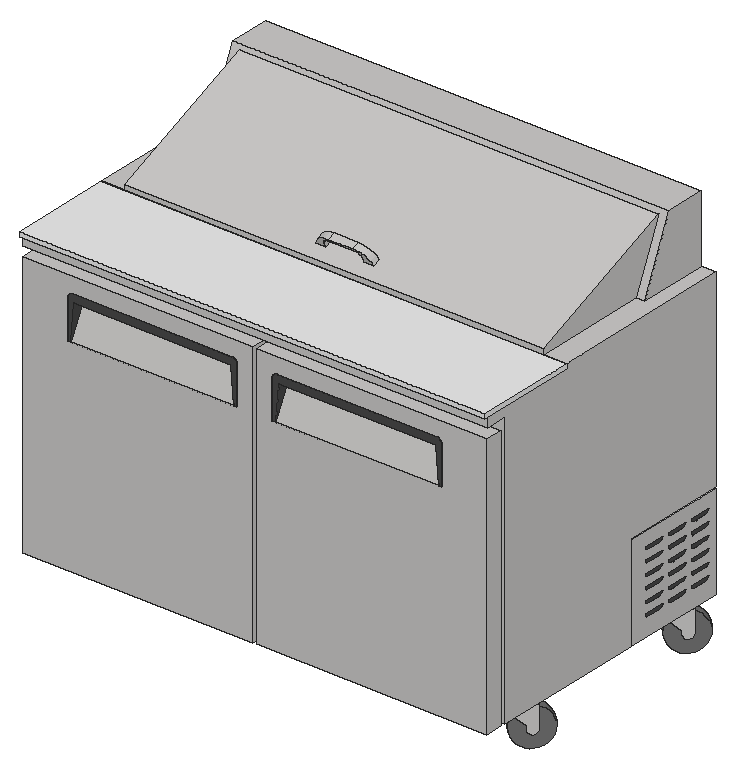
Revit family "QF_Turbo Air_MST-48a06fad58-8fa8-47d9-a13d-637354feb1d0", category Specialty Equipment, Revit 2012
Parameters
  Weight in Pounds = 242
  Watermarked By = "http://revitwatermark.com"
  Volts = 115 V
  URL Cutsheet = ""
  URL = "www.turboairinc.com"
  Status [instance] = ""
  Specification by User [instance] = ""
  Specification by Manufacturer [instance] = ""
  Serial Number [instance] = ""
  Revision Code [instance] = ""
  Phase = 1
  Number of Poles [instance] = 1
  NAFEM Spec ID Number [instance] = ""
  Model = "MST-48"
  Masterspec [instance] = ""
  Manufacturer = "Turbo Air"  # constant formula
  Legs [instance] = [6 inch Legs]  # no
  Item Number [instance] = "-"
  Installed By [instance] = ""
  HP = "1/3"
  Furnished By [instance] = ""
  Foodservice Equipment Identifier = yes
  FL Amps = 6.5 A
  Electrical Remarks [instance] = ""
  Electric Connection Type [instance] = ""
  Elec Conn RI Height [instance] = 0' - 0"
  Elec Conn Connection Height = 1' - 0"
  Description = "Sandwich/Salad Unit"
  Cycle = 60 Hz
  Conn Plug = "NEMA 5-15P"
  Casters [instance] = not(Legs)  # yes
  CasterLeg Height [instance] = if([4 inch Casters], 0' 5", if([5 inch Casters], 0' 5 3/4", if([2_5 inch Casters], 0' 3 3/8", 0' 6")))  # 0' - 5"
  CSI MasterFormat = "11 41 13"
  Assembly Code = "E1090320"
  Apparent Power = if(Phase = 3, Volts * FL Amps * 1.73, Volts * FL Amps)  # 747.5 VA
  6 inch Legs [instance] = no
  5 inch Casters [instance] = no
  4 inch Casters [instance] = yes
  2_5 inch Casters [instance] = no
Reference planes (in)
  plane 1 "BACK": y = 0
  plane 2: z = 0
  plane 3 "LEFT": x = -20.78844
  plane 4 "Bottom": z = 5
  plane 5 "Back Stops": y = 1
  plane 6 "RIGHT": x = 27.46156
  plane 7 "Front of Lid": y = -19.375
  plane 8 "FRONT": y = -30
  plane 9 "Door Clearance": y = -51.75
  plane 10 "Back of Door": y = -27.875
  plane 11 "Front of Box": y = -27.375
  plane 12 "Counter Top": z = 35
  plane 13 "TOP": z = 42
  plane 14 "Top of Door": z = 32.5
  plane 15 "Bottom of Cutting Board": z = 34.5
  plane 16 "Handle LR": x = 3.33656
  plane 17 "Lid Clearance": z = 45.5
  plane 18 "Left Lid Cover": x = -19.28844
  plane 19 "Right of Lid Cover": x = 25.96156
  plane 20 "Left of Lid": x = -18.41344
  plane 21 "Right of Lid": x = 25.08656
  plane 22 "Left of Right Door": x = 3.52406
  plane 23 "Right of Left Door": x = 3.14906
Forms (in)
  Extrusion 1, solid, material "QF_Finishes_Stainless Steel"
    sketch origin (-20.78844, 0, 0) x (0, 1, 0) y (0, 0, 1)
      loop
        line (0, 5) -> (0, 35) -> (-19.375, 35) -> (-19.375, 34.5) -> (-29.625, 34.5) -> (-29.625, 33.5) -> (-27.375, 33.5) -> (-27.375, 5) -> (0, 5)
    from 0 to 48.25
  Extrusion 2, solid, material "QF_Finishes_Black"
    sketch origin (0, -27.375, 0) x (1, 0, 0) y (0, 0, 1)
      loop
        line (-19.78844, 31.5) -> (-19.78844, 6) -> (2.14906, 6) -> (2.14906, 31.5) -> (-19.78844, 31.5)
      loop
        line (26.46156, 6) -> (26.46156, 31.5) -> (4.52406, 31.5) -> (4.52406, 6) -> (26.46156, 6)
    from 0 to 0.5
  Extrusion 3, solid, material "QF_Finishes_Stainless Steel"
    sketch origin (-19.28844, 0, 0) x (0, 1, 0) y (0, 0, 1)
      loop
        line (0, 35) -> (0, 42) -> (-4.25, 42) -> (-7.375, 35) -> (0, 35)
    from 0 to 45.25
  Extrusion 4, solid, material "QF_Finishes_White"
    sketch origin (0, 0, 34.5) x (0, 1, 0) y (-1, 0, 0)
      loop
        line (-19.375, 20.78844) -> (-30, 20.78844) -> (-30, -27.46156) -> (-19.375, -27.46156) -> (-19.375, 20.78844)
    from 0 to 0.5
  Extrusion 5, solid, material "QF_Finishes_Stainless Steel"
    sketch origin (-18.41344, 0, 0) x (0, 1, 0) y (0, 0, 1)
      loop
        line (-19.375, 35) -> (-7.375, 35) -> (-4.45383, 41.54343) -> (-19.375, 35.5) -> (-19.375, 35)
    from 0 to 43.5
  Extrusion 6, solid, material "QF_Finishes_Stainless Steel"
    sketch origin (-8.25, -2.56728, -1.00345) x (1, 0, 0) y (0, -0.375401, 0.926862)
      loop
        line (13.58656, 40.14331) -> (14.58656, 40.14331)
        arc (14.58656, 40.14331) -> (13.91185, 41.04872) -> (12.83656, 41.39331) r 1.85
        line (12.83656, 41.39331) -> (10.33656, 41.39331)
        arc (10.33656, 41.39331) -> (9.26127, 41.04872) -> (8.58656, 40.14331) r 1.85
        line (8.58656, 40.14331) -> (9.58656, 40.14331) -> (9.58656, 40.64331)
        arc (9.58656, 40.64331) -> (9.73301, 40.99687) -> (10.08656, 41.14331) r 0.5
        line (10.08656, 41.14331) -> (13.08656, 41.14331)
        arc (13.08656, 41.14331) -> (13.44011, 40.99687) -> (13.58656, 40.64331) r 0.5
        line (13.58656, 40.64331) -> (13.58656, 40.14331)
    from -0.375 to 0.375
  Extrusion 7, solid, material "QF_Finishes_Clearances", detail levels coarse
    sketch origin (-18.41344, 0, 0) x (0, 1, 0) y (0, 0, 1)
      loop
        arc (-9.375, 45.5) -> (-16.44607, 42.57107) -> (-19.375, 35.5) r 10
        line (-19.375, 35.5) -> (-4.45383, 41.54343) -> (-8.87792, 45.446) -> (-9.375, 45.5)
    from 0 to 43.5
  Extrusion 8, void
    sketch origin (27.46156, 0, 0) x (0, 1, 0) y (0, 0, 1)
      loop
        line (0, 5) -> (0, 15) -> (-11, 15) -> (-11, 5) -> (0, 5)
    from 0 to -1
  Extrusion 9, solid, material "QF_Finishes_Stainless Steel"
    sketch origin (27.46156, 0, 0) x (0, 1, 0) y (0, 0, 1)
      loop
        line (-10.875, 14.875) -> (-10.875, 5) -> (0, 5) -> (0, 14.875) -> (-10.875, 14.875)
      loop
        arc (-9.25, 13.5) -> (-9.10355, 13.14645) -> (-8.75, 13) r 0.5
        line (-8.75, 13) -> (-7.25, 13)
        arc (-7.25, 13) -> (-6.89645, 13.14645) -> (-6.75, 13.5) r 0.5
        line (-6.75, 13.5) -> (-9.25, 13.5)
      loop
        arc (-6.25, 13.5) -> (-6.10355, 13.14645) -> (-5.75, 13) r 0.5
        line (-5.75, 13) -> (-4.25, 13)
        arc (-4.25, 13) -> (-3.89645, 13.14645) -> (-3.75, 13.5) r 0.5
        line (-3.75, 13.5) -> (-6.25, 13.5)
      loop
        arc (-3.25, 13.5) -> (-3.10355, 13.14645) -> (-2.75, 13) r 0.5
        line (-2.75, 13) -> (-1.25, 13)
        arc (-1.25, 13) -> (-0.89645, 13.14645) -> (-0.75, 13.5) r 0.5
        line (-0.75, 13.5) -> (-3.25, 13.5)
      loop
        arc (-9.25, 12.25) -> (-9.10355, 11.89645) -> (-8.75, 11.75) r 0.5
        line (-8.75, 11.75) -> (-7.25, 11.75)
        arc (-7.25, 11.75) -> (-6.89645, 11.89645) -> (-6.75, 12.25) r 0.5
        line (-6.75, 12.25) -> (-9.25, 12.25)
      loop
        arc (-6.25, 12.25) -> (-6.10355, 11.89645) -> (-5.75, 11.75) r 0.5
        line (-5.75, 11.75) -> (-4.25, 11.75)
        arc (-4.25, 11.75) -> (-3.89645, 11.89645) -> (-3.75, 12.25) r 0.5
        line (-3.75, 12.25) -> (-6.25, 12.25)
      loop
        arc (-3.25, 12.25) -> (-3.10355, 11.89645) -> (-2.75, 11.75) r 0.5
        line (-2.75, 11.75) -> (-1.25, 11.75)
        arc (-1.25, 11.75) -> (-0.89645, 11.89645) -> (-0.75, 12.25) r 0.5
        line (-0.75, 12.25) -> (-3.25, 12.25)
      loop
        arc (-9.25, 11) -> (-9.10355, 10.64645) -> (-8.75, 10.5) r 0.5
        line (-8.75, 10.5) -> (-7.25, 10.5)
        arc (-7.25, 10.5) -> (-6.89645, 10.64645) -> (-6.75, 11) r 0.5
        line (-6.75, 11) -> (-9.25, 11)
      loop
        arc (-6.25, 11) -> (-6.10355, 10.64645) -> (-5.75, 10.5) r 0.5
        line (-5.75, 10.5) -> (-4.25, 10.5)
        arc (-4.25, 10.5) -> (-3.89645, 10.64645) -> (-3.75, 11) r 0.5
        line (-3.75, 11) -> (-6.25, 11)
      loop
        arc (-3.25, 11) -> (-3.10355, 10.64645) -> (-2.75, 10.5) r 0.5
        line (-2.75, 10.5) -> (-1.25, 10.5)
        arc (-1.25, 10.5) -> (-0.89645, 10.64645) -> (-0.75, 11) r 0.5
        line (-0.75, 11) -> (-3.25, 11)
      loop
        arc (-9.25, 9.75) -> (-9.10355, 9.39645) -> (-8.75, 9.25) r 0.5
        line (-8.75, 9.25) -> (-7.25, 9.25)
        arc (-7.25, 9.25) -> (-6.89645, 9.39645) -> (-6.75, 9.75) r 0.5
        line (-6.75, 9.75) -> (-9.25, 9.75)
      loop
        arc (-6.25, 9.75) -> (-6.10355, 9.39645) -> (-5.75, 9.25) r 0.5
        line (-5.75, 9.25) -> (-4.25, 9.25)
        arc (-4.25, 9.25) -> (-3.89645, 9.39645) -> (-3.75, 9.75) r 0.5
        line (-3.75, 9.75) -> (-6.25, 9.75)
      loop
        arc (-3.25, 9.75) -> (-3.10355, 9.39645) -> (-2.75, 9.25) r 0.5
        line (-2.75, 9.25) -> (-1.25, 9.25)
        arc (-1.25, 9.25) -> (-0.89645, 9.39645) -> (-0.75, 9.75) r 0.5
        line (-0.75, 9.75) -> (-3.25, 9.75)
      loop
        arc (-9.25, 8.5) -> (-9.10355, 8.14645) -> (-8.75, 8) r 0.5
        line (-8.75, 8) -> (-7.25, 8)
        arc (-7.25, 8) -> (-6.89645, 8.14645) -> (-6.75, 8.5) r 0.5
        line (-6.75, 8.5) -> (-9.25, 8.5)
      loop
        arc (-6.25, 8.5) -> (-6.10355, 8.14645) -> (-5.75, 8) r 0.5
        line (-5.75, 8) -> (-4.25, 8)
        arc (-4.25, 8) -> (-3.89645, 8.14645) -> (-3.75, 8.5) r 0.5
        line (-3.75, 8.5) -> (-6.25, 8.5)
      loop
        arc (-3.25, 8.5) -> (-3.10355, 8.14645) -> (-2.75, 8) r 0.5
        line (-2.75, 8) -> (-1.25, 8)
        arc (-1.25, 8) -> (-0.89645, 8.14645) -> (-0.75, 8.5) r 0.5
        line (-0.75, 8.5) -> (-3.25, 8.5)
      loop
        arc (-9.25, 7.25) -> (-9.10355, 6.89645) -> (-8.75, 6.75) r 0.5
        line (-8.75, 6.75) -> (-7.25, 6.75)
        arc (-7.25, 6.75) -> (-6.89645, 6.89645) -> (-6.75, 7.25) r 0.5
        line (-6.75, 7.25) -> (-9.25, 7.25)
      loop
        arc (-6.25, 7.25) -> (-6.10355, 6.89645) -> (-5.75, 6.75) r 0.5
        line (-5.75, 6.75) -> (-4.25, 6.75)
        arc (-4.25, 6.75) -> (-3.89645, 6.89645) -> (-3.75, 7.25) r 0.5
        line (-3.75, 7.25) -> (-6.25, 7.25)
      loop
        arc (-3.25, 7.25) -> (-3.10355, 6.89645) -> (-2.75, 6.75) r 0.5
        line (-2.75, 6.75) -> (-1.25, 6.75)
        arc (-1.25, 6.75) -> (-0.89645, 6.89645) -> (-0.75, 7.25) r 0.5
        line (-0.75, 7.25) -> (-3.25, 7.25)
    from 0 to -1
  Extrusion 10, solid, material "QF_Finishes_Black"
    sketch origin (27.46156, 0, 0) x (0, 1, 0) y (0, 0, 1)
      loop
        line (-9.875, 13.95221) -> (-9.875, 6.20221) -> (-0.375, 6.20221) -> (-0.375, 13.95221) -> (-9.875, 13.95221)
    from -0.125 to -1
  Extrusion 11, solid, material "QF_Finishes_Black"
    sketch origin (0, 0, 0) x (1, 0, 0) y (0, 0, 1)
      loop
        circle (-14.66344, 30.1875) r 0.5
      loop
        circle (21.33656, 30.1875) r 0.5
    from 0 to -1
  Extrusion 12, solid, material "QF_Finishes_Stainless Steel"
    sketch origin (0, 0, 0) x (1, 0, 0) y (0, 0, 1)
      loop
        circle (23.46156, 11.125) r 0.25
    from 0 to -0.0625
Cuts and joins
  Extrusion 8 cuts Extrusion 1
Lines and regions (in)
  symbolic lines
    curve 1: line (-20.78844, 0, 35) -> (27.46156, 0, 35)
    curve 2: line (-20.78844, -30, 35) -> (-20.78844, 0, 35)
    curve 3: line (27.46156, -30, 35) -> (-20.78844, -30, 35)
    curve 4: line (27.46156, 0, 35) -> (27.46156, -30, 35)
    curve 5: line (-20.78844, -19.375, 35) -> (27.46156, -19.375, 35)
    curve 6: line (20.83656, 1, 35) -> (21.83656, 1, 35)
    curve 7: line (-15.16344, 1, 35) -> (-14.16344, 1, 35)
    curve 8: line (-15.16344, 1, 35) -> (-15.16344, 0, 35)
    curve 9: line (-14.16344, 1, 35) -> (-14.16344, 0, 35)
    curve 10: line (20.83656, 1, 35) -> (20.83656, 0, 35)
    curve 11: line (21.83656, 1, 35) -> (21.83656, 0, 35)
    curve 12: line (1.33656, -17.28956, 35) -> (0.33656, -17.28956, 35)
    curve 13: line (0.33656, -17.28956, 35) -> (0.33656, -17.98471, 35)
    curve 14: line (1.33656, -17.47726, 35) -> (1.33656, -17.28956, 35)
    curve 15: line (4.58656, -18.45396, 35) -> (2.08656, -18.45396, 35)
    curve 16: line (4.83656, -17.66496, 35) -> (1.83656, -17.66496, 35)
    curve 17: line (5.33656, -17.28956, 35) -> (5.33656, -17.47726, 35)
    curve 18: line (6.33656, -17.28956, 35) -> (5.33656, -17.28956, 35)
    curve 19: line (6.33656, -17.98471, 35) -> (6.33656, -17.28956, 35)
    curve 20: spline (6.33656, -17.98471, 35) -> (6.2653, -18.0513, 35) -> (6.17612, -18.11477, 35) -> (6.06997, -18.17445, 35) -> (5.94798, -18.2297, 35) -> (5.81145, -18.27993, 35) -> (5.66185, -18.3246, 35) -> (5.50077, -18.36324, 35) -> (5.32992, -18.39543, 35) -> (5.15114, -18.42083, 35) -> (4.96633, -18.43917, 35) -> (4.77746, -18.45025, 35) -> (4.58656, -18.45396, 35)
    curve 21: spline (1.83656, -17.66496, 35) -> (1.7713, -17.66336, 35) -> (1.70715, -17.65857, 35) -> (1.64522, -17.65067, 35) -> (1.58656, -17.63981, 35) -> (1.53218, -17.62617, 35) -> (1.48301, -17.60998, 35) -> (1.43988, -17.59153, 35) -> (1.40355, -17.57111, 35) -> (1.37462, -17.54909, 35) -> (1.3536, -17.52584, 35) -> (1.34084, -17.50176, 35) -> (1.33656, -17.47726, 35)
    curve 22: spline (5.33656, -17.47726, 35) -> (5.33228, -17.50176, 35) -> (5.31952, -17.52584, 35) -> (5.2985, -17.54909, 35) -> (5.26957, -17.57111, 35) -> (5.23324, -17.59153, 35) -> (5.19011, -17.60998, 35) -> (5.14094, -17.62617, 35) -> (5.08656, -17.63981, 35) -> (5.0279, -17.65067, 35) -> (4.96597, -17.65857, 35) -> (4.90182, -17.66336, 35) -> (4.83656, -17.66496, 35)
    curve 23: spline (2.08656, -18.45396, 35) -> (1.89566, -18.45025, 35) -> (1.70679, -18.43917, 35) -> (1.52198, -18.42083, 35) -> (1.3432, -18.39543, 35) -> (1.17235, -18.36324, 35) -> (1.01127, -18.3246, 35) -> (0.86167, -18.27993, 35) -> (0.72514, -18.2297, 35) -> (0.60315, -18.17445, 35) -> (0.497, -18.11477, 35) -> (0.40782, -18.0513, 35) -> (0.33656, -17.98471, 35)
    curve 40: line (-19.28844, 0, 35) -> (-19.28844, -7.375, 35)
    curve 41: line (25.96156, -7.375, 35) -> (25.96156, 0, 35)
    curve 42: line (-19.28844, -4.25, 35) -> (25.96156, -4.25, 35)
    curve 43: line (-18.41344, -4.25, 35) -> (-18.41344, -19.375, 35)
    curve 44: line (25.08656, -19.375, 35) -> (25.08656, -4.25, 35)
    curve 49: line (25.08656, -7.375, 35) -> (25.96156, -7.375, 35)
    curve 50: line (-18.41344, -7.375, 35) -> (-19.28844, -7.375, 35)
  symbolic lines, style "QF_Surface Details"
    curve 24: line (2.96156, -10.41441, 35) -> (2.96156, -6.42258, 35)
    curve 25: line (-3.03844, -10.41441, 35) -> (-3.03844, -6.42258, 35)
    curve 26: line (-2.03844, -5.42258, 35) -> (1.96156, -5.42258, 35)
    curve 27: line (-2.03844, -11.41441, 35) -> (1.96156, -11.41441, 35)
    curve 28: arc (1.96156, -5.42258, 35) -> (2.66867, -5.71547, 35) -> (2.96156, -6.42258, 35) r 1
    curve 29: arc (-2.03844, -5.42258, 35) -> (-2.74555, -5.71547, 35) -> (-3.03844, -6.42258, 35) r 1
    curve 30: arc (-3.03844, -10.41441, 35) -> (-2.74555, -11.12152, 35) -> (-2.03844, -11.41441, 35) r 1
    curve 31: arc (1.96156, -11.41441, 35) -> (2.66867, -11.12152, 35) -> (2.96156, -10.41441, 35) r 1
    curve 32: line (2.96156, -13.41441, 35) -> (2.96156, -17.40625, 35)
    curve 33: line (-3.03844, -13.41441, 35) -> (-3.03844, -17.40625, 35)
    curve 34: line (-2.03844, -18.40625, 35) -> (1.96156, -18.40625, 35)
    curve 35: line (-2.03844, -12.41441, 35) -> (1.96156, -12.41441, 35)
    curve 36: arc (1.96156, -18.40625, 35) -> (2.66867, -18.11336, 35) -> (2.96156, -17.40625, 35) r 1
    curve 37: arc (-2.03844, -18.40625, 35) -> (-2.74555, -18.11336, 35) -> (-3.03844, -17.40625, 35) r 1
    curve 38: arc (-3.03844, -13.41441, 35) -> (-2.74555, -12.70731, 35) -> (-2.03844, -12.41441, 35) r 1
    curve 39: arc (1.96156, -12.41441, 35) -> (2.66867, -12.70731, 35) -> (2.96156, -13.41441, 35) r 1
    curve 51: line (-3.78844, -10.41441, 35) -> (-3.78844, -6.42258, 35)
    curve 52: line (-9.78844, -10.41441, 35) -> (-9.78844, -6.42258, 35)
    curve 53: line (-8.78844, -5.42258, 35) -> (-4.78844, -5.42258, 35)
    curve 54: line (-8.78844, -11.41441, 35) -> (-4.78844, -11.41441, 35)
    curve 55: arc (-4.78844, -5.42258, 35) -> (-4.08133, -5.71547, 35) -> (-3.78844, -6.42258, 35) r 1
    curve 56: arc (-8.78844, -5.42258, 35) -> (-9.49555, -5.71547, 35) -> (-9.78844, -6.42258, 35) r 1
    curve 57: arc (-9.78844, -10.41441, 35) -> (-9.49555, -11.12152, 35) -> (-8.78844, -11.41441, 35) r 1
    curve 58: arc (-4.78844, -11.41441, 35) -> (-4.08133, -11.12152, 35) -> (-3.78844, -10.41441, 35) r 1
    curve 59: line (-3.78844, -13.41441, 35) -> (-3.78844, -17.40625, 35)
    curve 60: line (-9.78844, -13.41441, 35) -> (-9.78844, -17.40625, 35)
    curve 61: line (-8.78844, -18.40625, 35) -> (-4.78844, -18.40625, 35)
    curve 62: line (-8.78844, -12.41441, 35) -> (-4.78844, -12.41441, 35)
    curve 63: arc (-4.78844, -18.40625, 35) -> (-4.08133, -18.11336, 35) -> (-3.78844, -17.40625, 35) r 1
    curve 64: arc (-8.78844, -18.40625, 35) -> (-9.49555, -18.11336, 35) -> (-9.78844, -17.40625, 35) r 1
    curve 65: arc (-9.78844, -13.41441, 35) -> (-9.49555, -12.70731, 35) -> (-8.78844, -12.41441, 35) r 1
    curve 66: arc (-4.78844, -12.41441, 35) -> (-4.08133, -12.70731, 35) -> (-3.78844, -13.41441, 35) r 1
    curve 67: line (-10.53844, -10.41441, 35) -> (-10.53844, -6.42258, 35)
    curve 68: line (-16.53844, -10.41441, 35) -> (-16.53844, -6.42258, 35)
    curve 69: line (-15.53844, -5.42258, 35) -> (-11.53844, -5.42258, 35)
    curve 70: line (-15.53844, -11.41441, 35) -> (-11.53844, -11.41441, 35)
    curve 71: arc (-11.53844, -5.42258, 35) -> (-10.83133, -5.71547, 35) -> (-10.53844, -6.42258, 35) r 1
    curve 72: arc (-15.53844, -5.42258, 35) -> (-16.24555, -5.71547, 35) -> (-16.53844, -6.42258, 35) r 1
    curve 73: arc (-16.53844, -10.41441, 35) -> (-16.24555, -11.12152, 35) -> (-15.53844, -11.41441, 35) r 1
    curve 74: arc (-11.53844, -11.41441, 35) -> (-10.83133, -11.12152, 35) -> (-10.53844, -10.41441, 35) r 1
    curve 75: line (-10.53844, -13.41441, 35) -> (-10.53844, -17.40625, 35)
    curve 76: line (-16.53844, -13.41441, 35) -> (-16.53844, -17.40625, 35)
    curve 77: line (-15.53844, -18.40625, 35) -> (-11.53844, -18.40625, 35)
    curve 78: line (-15.53844, -12.41441, 35) -> (-11.53844, -12.41441, 35)
    curve 79: arc (-11.53844, -18.40625, 35) -> (-10.83133, -18.11336, 35) -> (-10.53844, -17.40625, 35) r 1
    curve 80: arc (-15.53844, -18.40625, 35) -> (-16.24555, -18.11336, 35) -> (-16.53844, -17.40625, 35) r 1
    curve 81: arc (-16.53844, -13.41441, 35) -> (-16.24555, -12.70731, 35) -> (-15.53844, -12.41441, 35) r 1
    curve 82: arc (-11.53844, -12.41441, 35) -> (-10.83133, -12.70731, 35) -> (-10.53844, -13.41441, 35) r 1
    curve 83: line (3.71156, -10.41441, 35) -> (3.71156, -6.42258, 35)
    curve 84: line (9.71156, -10.41441, 35) -> (9.71156, -6.42258, 35)
    curve 85: line (8.71156, -5.42258, 35) -> (4.71156, -5.42258, 35)
    curve 86: line (8.71156, -11.41441, 35) -> (4.71156, -11.41441, 35)
    curve 87: arc (4.71156, -5.42258, 35) -> (4.00445, -5.71547, 35) -> (3.71156, -6.42258, 35) r 1
    curve 88: arc (8.71156, -5.42258, 35) -> (9.41867, -5.71547, 35) -> (9.71156, -6.42258, 35) r 1
    curve 89: arc (9.71156, -10.41441, 35) -> (9.41867, -11.12152, 35) -> (8.71156, -11.41441, 35) r 1
    curve 90: arc (4.71156, -11.41441, 35) -> (4.00445, -11.12152, 35) -> (3.71156, -10.41441, 35) r 1
    curve 91: line (3.71156, -13.41441, 35) -> (3.71156, -17.40625, 35)
    curve 92: line (9.71156, -13.41441, 35) -> (9.71156, -17.40625, 35)
    curve 93: line (8.71156, -18.40625, 35) -> (4.71156, -18.40625, 35)
    curve 94: line (8.71156, -12.41441, 35) -> (4.71156, -12.41441, 35)
    curve 95: arc (4.71156, -18.40625, 35) -> (4.00445, -18.11336, 35) -> (3.71156, -17.40625, 35) r 1
    curve 96: arc (8.71156, -18.40625, 35) -> (9.41867, -18.11336, 35) -> (9.71156, -17.40625, 35) r 1
    curve 97: arc (9.71156, -13.41441, 35) -> (9.41867, -12.70731, 35) -> (8.71156, -12.41441, 35) r 1
    curve 98: arc (4.71156, -12.41441, 35) -> (4.00445, -12.70731, 35) -> (3.71156, -13.41441, 35) r 1
    curve 99: line (10.46156, -10.41441, 35) -> (10.46156, -6.42258, 35)
    curve 100: line (16.46156, -10.41441, 35) -> (16.46156, -6.42258, 35)
    curve 101: line (15.46156, -5.42258, 35) -> (11.46156, -5.42258, 35)
    curve 102: line (15.46156, -11.41441, 35) -> (11.46156, -11.41441, 35)
    curve 103: arc (11.46156, -5.42258, 35) -> (10.75445, -5.71547, 35) -> (10.46156, -6.42258, 35) r 1
    curve 104: arc (15.46156, -5.42258, 35) -> (16.16867, -5.71547, 35) -> (16.46156, -6.42258, 35) r 1
    curve 105: arc (16.46156, -10.41441, 35) -> (16.16867, -11.12152, 35) -> (15.46156, -11.41441, 35) r 1
    curve 106: arc (11.46156, -11.41441, 35) -> (10.75445, -11.12152, 35) -> (10.46156, -10.41441, 35) r 1
    curve 107: line (10.46156, -13.41441, 35) -> (10.46156, -17.40625, 35)
    curve 108: line (16.46156, -13.41441, 35) -> (16.46156, -17.40625, 35)
    curve 109: line (15.46156, -18.40625, 35) -> (11.46156, -18.40625, 35)
    curve 110: line (15.46156, -12.41441, 35) -> (11.46156, -12.41441, 35)
    curve 111: arc (11.46156, -18.40625, 35) -> (10.75445, -18.11336, 35) -> (10.46156, -17.40625, 35) r 1
    curve 112: arc (15.46156, -18.40625, 35) -> (16.16867, -18.11336, 35) -> (16.46156, -17.40625, 35) r 1
    curve 113: arc (16.46156, -13.41441, 35) -> (16.16867, -12.70731, 35) -> (15.46156, -12.41441, 35) r 1
    curve 114: arc (11.46156, -12.41441, 35) -> (10.75445, -12.70731, 35) -> (10.46156, -13.41441, 35) r 1
    curve 115: line (17.21156, -10.41441, 35) -> (17.21156, -6.42258, 35)
    curve 116: line (23.21156, -10.41441, 35) -> (23.21156, -6.42258, 35)
    curve 117: line (22.21156, -5.42258, 35) -> (18.21156, -5.42258, 35)
    curve 118: line (22.21156, -11.41441, 35) -> (18.21156, -11.41441, 35)
    curve 119: arc (18.21156, -5.42258, 35) -> (17.50445, -5.71547, 35) -> (17.21156, -6.42258, 35) r 1
    curve 120: arc (22.21156, -5.42258, 35) -> (22.91867, -5.71547, 35) -> (23.21156, -6.42258, 35) r 1
    curve 121: arc (23.21156, -10.41441, 35) -> (22.91867, -11.12152, 35) -> (22.21156, -11.41441, 35) r 1
    curve 122: arc (18.21156, -11.41441, 35) -> (17.50445, -11.12152, 35) -> (17.21156, -10.41441, 35) r 1
    curve 123: line (17.21156, -13.41441, 35) -> (17.21156, -17.40625, 35)
    curve 124: line (23.21156, -13.41441, 35) -> (23.21156, -17.40625, 35)
    curve 125: line (22.21156, -18.40625, 35) -> (18.21156, -18.40625, 35)
    curve 126: line (22.21156, -12.41441, 35) -> (18.21156, -12.41441, 35)
    curve 127: arc (18.21156, -18.40625, 35) -> (17.50445, -18.11336, 35) -> (17.21156, -17.40625, 35) r 1
    curve 128: arc (22.21156, -18.40625, 35) -> (22.91867, -18.11336, 35) -> (23.21156, -17.40625, 35) r 1
    curve 129: arc (23.21156, -13.41441, 35) -> (22.91867, -12.70731, 35) -> (22.21156, -12.41441, 35) r 1
    curve 130: arc (18.21156, -12.41441, 35) -> (17.50445, -12.70731, 35) -> (17.21156, -13.41441, 35) r 1
  symbolic lines, style "QF_Clearances", detail levels coarse
    curve 45: line (-20.78844, -30, 35) -> (-20.78844, -51.75, 35)
    curve 46: arc (-20.78844, -51.75, 35) -> (-4.63295, -45.49824, 35) -> (3.10586, -30, 35) r 24
    curve 47: line (27.46156, -30, 35) -> (27.46156, -51.75, 35)
    curve 48: arc (27.46156, -51.75, 35) -> (11.30607, -45.49824, 35) -> (3.56726, -30, 35) r 24
Dimensions and locks (in)
  "CasterLeg Height": plane 4 "Bottom" to plane 2
  locked: plane 1 "BACK" to plane 5 "Back Stops" at 1
  locked: plane 6 "RIGHT" to plane 3 "LEFT" at 48.25
  locked: plane 7 "Front of Lid" to plane 1 "BACK" at 19.375
  locked: plane 8 "FRONT" to plane 1 "BACK" at 30
  locked: plane 10 "Back of Door" to plane 1 "BACK" at 27.875
  locked: plane 10 "Back of Door" to plane 11 "Front of Box" at 0.5
  locked: plane 9 "Door Clearance" to plane 1 "BACK" at 51.75
  locked: plane 13 "TOP" to plane 12 "Counter Top" at 7
  locked: plane 12 "Counter Top" to plane 4 "Bottom" at 30
  locked: plane 12 "Counter Top" to plane 15 "Bottom of Cutting Board" at 0.5
  locked: plane 14 "Top of Door" to plane 4 "Bottom" at 27.5
  locked: plane 14 "Top of Door" to Extrusion 2 sketch curve at 1  (x2)
  locked: Extrusion 2 sketch curve to plane 3 "LEFT" at 1
  locked: Extrusion 2 sketch curve to plane 4 "Bottom" at 1  (x2)
  locked: Extrusion 2 sketch curve to plane 6 "RIGHT" at 1
  locked: plane 1 "BACK" to Extrusion 3 sketch curve at 4.25
  locked: plane 1 "BACK" to Extrusion 3 sketch curve at 7.375
  locked: plane 17 "Lid Clearance" to plane 12 "Counter Top" at 10.5
  locked: Extrusion 5 sketch curve to plane 12 "Counter Top" at 0.5
  locked: plane 13 "TOP" to Extrusion 5 sketch curve at 0.45657
  locked: plane 1 "BACK" to Extrusion 5 sketch curve at 4.45383
  locked: plane 1 "BACK" to Extrusion 5 sketch curve at 7.375
  locked: Extrusion 6 to plane 12 "Counter Top" at 2.22168
  locked: Extrusion 6 to plane 12 "Counter Top" at 2.50323
  locked: plane 13 "TOP" to Extrusion 7 sketch curve at 0.45657
  locked: plane 17 "Lid Clearance" to Extrusion 7 sketch curve at 0.054
  locked: Extrusion 8 sketch curve to plane 1 "BACK" at 11
  locked: Extrusion 8 sketch curve to plane 4 "Bottom" at 10
  locked: plane 4 "Bottom" to Extrusion 9 sketch curve at 9.875
  locked: Extrusion 9 sketch curve to plane 1 "BACK" at 10.875
  locked: Extrusion 10 sketch curve to Extrusion 10 sketch curve at 7.75
  locked: Extrusion 10 sketch curve to plane 4 "Bottom" at 1.20221
  locked: Extrusion 10 sketch curve to Extrusion 10 sketch curve at 9.5
  locked: Extrusion 10 sketch curve to plane 1 "BACK" at 0.375
  locked: nested 1 to plane 1 "BACK" at 2.5625
  locked: plane 3 "LEFT" to nested 1 at 2.5
  locked: plane 3 "LEFT" to nested 2 at 2.5
  locked: plane 11 "Front of Box" to nested 2 at 4.625
  locked: nested 3 to plane 6 "RIGHT" at 2.5
  locked: nested 4 to plane 6 "RIGHT" at 2.5
  locked: plane 11 "Front of Box" to nested 4 at 4.625
  locked: nested 3 to plane 1 "BACK" at 2.5625
  locked: plane 12 "Counter Top" to Extrusion 11 sketch curve at 4.8125  (x2)
  locked: plane 6 "RIGHT" to Extrusion 11 sketch curve at 6.125
  locked: Extrusion 11 sketch curve to plane 3 "LEFT" at 6.125
  locked: Extrusion 12 sketch curve to plane 4 "Bottom" at 6.125
  locked: plane 6 "RIGHT" to Extrusion 12 sketch curve at 4
  locked: Extrusion 1 sketch curve to plane 15 "Bottom of Cutting Board" at 1
  locked: Extrusion 1 sketch curve to plane 8 "FRONT" at 0.375
  equal spacing: plane 3 "LEFT", plane 16 "Handle LR", plane 6 "RIGHT"
  locked: plane 18 "Left Lid Cover" to plane 20 "Left of Lid" at 0.875
  locked: plane 21 "Right of Lid" to plane 19 "Right of Lid Cover" at 0.875
  plane 23 "Right of Left Door" to plane 16 "Handle LR" to plane 22 "Left of Right Door" = 0' - 0 3/16" locked, 0' - 0 3/16" locked
  locked: Extrusion 2 sketch curve to plane 23 "Right of Left Door" at 1
  locked: Extrusion 2 sketch curve to plane 22 "Left of Right Door" at 1
  locked: plane 3 "LEFT" to plane 18 "Left Lid Cover" at 1.5
  locked: plane 19 "Right of Lid Cover" to plane 6 "RIGHT" at 1.5
  aligned and locked: level to plane 2
  aligned and locked: Extrusion 1 sketch curve to plane 1 "BACK"
  aligned and locked: Extrusion 1 sketch curve to plane 4 "Bottom"
  aligned and locked: plane 11 "Front of Box" to Extrusion 1 sketch curve
  aligned and locked: plane 6 "RIGHT" to Extrusion 1
  aligned and locked: plane 10 "Back of Door" to Extrusion 2
  aligned and locked: Extrusion 1 sketch curve to plane 12 "Counter Top"
  aligned and locked: Extrusion 3 sketch curve to plane 13 "TOP"
  aligned and locked: plane 1 "BACK" to Extrusion 3 sketch curve
  aligned and locked: Extrusion 3 sketch curve to plane 12 "Counter Top"
  aligned and locked: plane 7 "Front of Lid" to Extrusion 4 sketch curve
  aligned and locked: plane 3 "LEFT" to Extrusion 4 sketch curve
  aligned and locked: Extrusion 4 sketch curve to plane 8 "FRONT"
  aligned and locked: Extrusion 4 sketch curve to plane 6 "RIGHT"
  aligned and locked: plane 12 "Counter Top" to Extrusion 4
  aligned and locked: plane 12 "Counter Top" to Extrusion 5 sketch curve
  aligned and locked: plane 7 "Front of Lid" to Extrusion 5 sketch curve
  aligned and locked: Extrusion 6 to Extrusion 5
  aligned and locked: plane 7 "Front of Lid" to Extrusion 7 sketch curve
  aligned and locked: plane 17 "Lid Clearance" to Extrusion 7 sketch curve
  aligned and locked: Extrusion 8 sketch curve to plane 1 "BACK"
  aligned and locked: Extrusion 8 sketch curve to plane 4 "Bottom"
  aligned and locked: Extrusion 11 to plane 5 "Back Stops"
  aligned and locked: plane 1 "BACK" to curve 1
  aligned and locked: curve 4 to plane 6 "RIGHT"
  aligned and locked: plane 3 "LEFT" to curve 2
  aligned and locked: curve 3 to plane 8 "FRONT"
  aligned and locked: curve 6 to Extrusion 11
  aligned and locked: curve 7 to Extrusion 11
  aligned and locked: curve 12 to Extrusion 6
  aligned and locked: curve 13 to Extrusion 6
  aligned and locked: Extrusion 6 to curve 14
  aligned and locked: curve 15 to Extrusion 6
  aligned and locked: curve 16 to Extrusion 6
  aligned and locked: curve 17 to Extrusion 6
  aligned and locked: curve 18 to Extrusion 6
  aligned and locked: curve 19 to Extrusion 6
  aligned and locked: Extrusion 1 sketch curve to plane 7 "Front of Lid"
  aligned and locked: plane 15 "Bottom of Cutting Board" to Extrusion 1 sketch curve
  aligned and locked: plane 19 "Right of Lid Cover" to Extrusion 3
  aligned and locked: plane 21 "Right of Lid" to Extrusion 7
  aligned and locked: plane 21 "Right of Lid" to Extrusion 5
  aligned and locked: curve 40 to Extrusion 3
  aligned and locked: Extrusion 3 to curve 41
  aligned and locked: curve 42 to Extrusion 3
  aligned and locked: curve 43 to Extrusion 7
  aligned and locked: curve 44 to Extrusion 7
  aligned and locked: cut or joined group of Extrusion 1, Extrusion 8 to plane 4 "Bottom"
  aligned and locked: nested 5 to plane 4 "Bottom"
  aligned and locked: plane 4 "Bottom" to nested 6
Automatic sketch dimensions
  Extrusion 9 sketch curve to plane 1 "BACK" = 0' - 0"
  Extrusion 9 sketch curve to plane 4 "Bottom" = 0' - 0"
  Extrusion 9 sketch curve to Extrusion 9 sketch curve = 0' - 1 5/8"
  Extrusion 9 sketch curve to Extrusion 9 sketch curve = 0' - 0"  (x16)
  Extrusion 9 sketch curve to Extrusion 9 sketch curve = 0' - 0 1/2"  (x31)
  Extrusion 9 sketch curve to Extrusion 9 sketch curve = 0' - 1 1/2"  (x4)
  plane 1 "BACK" to Extrusion 9 sketch curve = 0' - 1 1/4"  (x3)
  plane 4 "Bottom" to Extrusion 9 sketch curve = 0' - 1 3/4"  (x2)
  Extrusion 9 sketch curve to Extrusion 9 sketch curve = 0' - 0 3/4"  (x15)
  plane 1 "BACK" to Extrusion 7 sketch curve = 0' - 9 3/8"
  Extrusion 7 sketch curve to Extrusion 7 sketch curve = 0' - 0.49708"
  plane 1 "BACK" to Extrusion 7 sketch curve = 0' - 4.45383"
  Extrusion 6 sketch curve to plane 23 "Right of Left Door" = 0' - 2 13/16"
  Extrusion 6 sketch curve to Extrusion 6 sketch curve = 0' - 1"  (x2)
  Extrusion 6 sketch curve to Extrusion 6 sketch curve = 0' - 0 1/2"  (x3)
  Extrusion 6 sketch curve to Extrusion 6 sketch curve = 0' - 0 3/4"
  plane 22 "Left of Right Door" to Extrusion 6 sketch curve = 0' - 1 1/16"
  Extrusion 6 sketch curve to Extrusion 6 sketch curve = 0' - 0 1/4"
  Extrusion 6 sketch curve to Extrusion 6 sketch curve = 0' - 0"
  Extrusion 6 sketch curve to Extrusion 6 sketch curve = 0' - 0.6"
  plane 9 "Door Clearance" to curve 48 = 0' - 0"
  plane 9 "Door Clearance" to curve 46 = 0' - 0"
  plane 7 "Front of Lid" to curve 43 = 0' - 0"
  curve 48 to plane 10 "Back of Door" = 0' - 0 1/8"
  curve 46 to plane 10 "Back of Door" = 0' - 0 1/8"
  curve 109 to plane 7 "Front of Lid" = 0' - 0 31/32"
  curve 125 to plane 7 "Front of Lid" = 0' - 0 31/32"
  curve 15 to curve 95 = 0' - 0.04771"
  curve 61 to plane 7 "Front of Lid" = 0' - 0 31/32"
  curve 77 to plane 7 "Front of Lid" = 0' - 0 31/32"
  curve 37 to plane 7 "Front of Lid" = 0' - 0 31/32"
  curve 19 to curve 18 = 0' - 0.69515"
  curve 13 to curve 12 = 0' - 0.69515"
  curve 23 to curve 21 = 0' - 0.0945"
  curve 19 to curve 20 = 0' - 0.22524"
  curve 17 to curve 17 = 0' - 0.1877"
  curve 16 to curve 21 = 0' - 0.1877"
  curve 93 to curve 96 = 0' - 1"
  curve 127 to curve 127 = 0' - 1"
  curve 61 to curve 64 = 0' - 1"
  curve 96 to curve 107 = 0' - 0"
  curve 108 to curve 123 = 0' - 0"
  curve 80 to curve 80 = 0' - 1"
  plane 22 "Left of Right Door" to curve 95 = 0' - 0 3/16"
  curve 23 to curve 95 = 0' - 0.35322"
  curve 32 to plane 23 "Right of Left Door" = 0' - 0 3/16"
  curve 21 to curve 32 = 0' - 0.07101"
  curve 34 to curve 33 = 0' - 1"
  curve 63 to curve 37 = 0' - 0"
  curve 79 to curve 60 = 0' - 0"
  curve 125 to curve 124 = 0' - 1"
  curve 39 to plane 23 "Right of Left Door" = 0' - 1 3/16"
  curve 12 to curve 39 = 0' - 3.87515"
  curve 128 to curve 129 = 0' - 3.99184"
  curve 38 to curve 35 = 0' - 1"
  curve 112 to curve 113 = 0' - 3.99184"
  curve 80 to curve 81 = 0' - 3.99184"
  curve 107 to curve 114 = 0' - 3.99184"
  curve 79 to curve 82 = 0' - 3.99184"
  curve 66 to curve 38 = 0' - 0"
  curve 82 to curve 65 = 0' - 0"
  curve 39 to curve 98 = 0' - 0"
  curve 97 to curve 114 = 0' - 0"
  curve 108 to curve 130 = 0' - 0"
  curve 65 to curve 62 = 0' - 1"
  curve 130 to curve 126 = 0' - 1"
  curve 98 to curve 94 = 0' - 1"
  curve 82 to curve 78 = 0' - 1"
  curve 113 to curve 110 = 0' - 1"
  curve 114 to curve 102 = 0' - 1"
  curve 130 to curve 118 = 0' - 1"
  curve 98 to curve 86 = 0' - 1"
  curve 82 to curve 70 = 0' - 1"
  curve 38 to curve 30 = 0' - 1"
  curve 62 to curve 54 = 0' - 1"
  curve 31 to plane 23 "Right of Left Door" = 0' - 0 3/16"
  curve 27 to curve 31 = 0' - 1"
  curve 122 to curve 115 = 0' - 1"
  curve 54 to curve 51 = 0' - 1"
  curve 54 to curve 52 = 0' - 1"
  curve 58 to curve 30 = 0' - 0"
  plane 22 "Left of Right Door" to curve 83 = 0' - 0 3/16"
  curve 31 to curve 83 = 0' - 0"
  curve 86 to curve 84 = 0' - 1"
  curve 74 to curve 57 = 0' - 0"
  curve 70 to curve 73 = 0' - 1"
  curve 89 to curve 99 = 0' - 0"
  curve 100 to curve 122 = 0' - 0"
  curve 118 to curve 121 = 0' - 1"
  curve 50 to curve 43 = 0' - 3 1/8"
  curve 49 to curve 42 = 0' - 3 1/8"
  curve 30 to curve 29 = 0' - 3.99184"
  curve 49 to curve 120 = 0' - 0.95242"
  curve 84 to curve 84 = 0' - 3.99184"
  curve 83 to curve 83 = 0' - 3.99184"
  curve 50 to curve 72 = 0' - 0.95242"
  curve 84 to curve 99 = 0' - 0"
  curve 100 to curve 100 = 0' - 3.99184"
  curve 100 to curve 119 = 0' - 0"
  curve 67 to curve 71 = 0' - 3.99184"
  curve 28 to curve 83 = 0' - 0"
  curve 67 to curve 56 = 0' - 0"
  curve 55 to curve 29 = 0' - 0"
  curve 56 to curve 53 = 0' - 1"
  curve 28 to curve 26 = 0' - 1"
  curve 88 to curve 88 = 0' - 1"
  curve 72 to curve 69 = 0' - 1"
  curve 104 to curve 104 = 0' - 1"
  curve 120 to curve 117 = 0' - 1"
  curve 120 to plane 21 "Right of Lid" = 0' - 1 7/8"
  curve 128 to plane 21 "Right of Lid" = 0' - 1 7/8"
  curve 6 to plane 21 "Right of Lid" = 0' - 3 1/4"
  curve 11 to curve 10 = 0' - 1"
  curve 128 to curve 127 = 0' - 4"
  curve 122 to curve 130 = 0' - 0"
  curve 130 to curve 108 = 0' - 0 3/4"
  curve 122 to curve 105 = 0' - 0 3/4"
  curve 110 to curve 114 = 0' - 4"
  curve 104 to curve 103 = 0' - 4"
  curve 114 to curve 92 = 0' - 0 3/4"
  curve 99 to curve 88 = 0' - 0 3/4"
  curve 20 to curve 19 = 0' - 0.1"
  curve 22 to curve 95 = 0' - 0 1/8"
  plane 22 "Left of Right Door" to curve 23 = 0' - 0.4125"
  curve 21 to curve 23 = 0' - 0 1/4"
  curve 26 to curve 26 = 0' - 4"
  curve 38 to curve 27 = 0' - 0"
  curve 38 to curve 59 = 0' - 0 3/4"
  curve 25 to curve 58 = 0' - 0 3/4"
  curve 53 to curve 56 = 0' - 4"
  curve 65 to curve 57 = 0' - 0"
  curve 57 to curve 67 = 0' - 0 3/4"
  curve 60 to curve 79 = 0' - 0 3/4"
  plane 20 "Left of Lid" to curve 9 = 0' - 4 1/4"
  curve 9 to curve 8 = 0' - 1"
  plane 20 "Left of Lid" to curve 73 = 0' - 2 7/8"
  plane 20 "Left of Lid" to curve 80 = 0' - 2 7/8"
  radius of Extrusion 11 sketch curve = 0' - 0 1/2"  (x2)
  radius of Extrusion 12 sketch curve = 0' - 0 1/4"
Nested families (in)
  nested 1: "FESCasterLeg" at (-18.28844, -2.5625, 0), Legs <- "Legs", Casters <- "Casters", Height <- "CasterLeg Height", type "FESCasterLeg"
    with Legs no, Height 0' - 5", Casters yes, Caster Radius 0' - 2"
  nested 2: "FESCasterLeg" at (-18.28844, -22.75, 0), Legs <- "Legs", Casters <- "Casters", Height <- "CasterLeg Height", type "FESCasterLeg"
    with Legs no, Height 0' - 5", Casters yes, Caster Radius 0' - 2"
  nested 3: "FESCasterLeg" at (24.96156, -2.5625, 0), Legs <- "Legs", Casters <- "Casters", Height <- "CasterLeg Height", type "FESCasterLeg"
    with Legs no, Height 0' - 5", Casters yes, Caster Radius 0' - 2"
  nested 4: "FESCasterLeg" at (24.96156, -22.75, 0), Legs <- "Legs", Casters <- "Casters", Height <- "CasterLeg Height", type "FESCasterLeg"
    with Legs no, Height 0' - 5", Casters yes, Caster Radius 0' - 2"
  nested 5: "QF_Turbo Air_TBL_Door-1" at (-5.61177, -27.875, 5), type "QF_Turbo Air_TBL_Door-1"
    with Width 1' - 11 15/16", Symbolic Lines yes, Height 2' - 3 1/2", Handle Width 1' - 5 5/8", Depth 0' - 1 13/16"
  nested 6: "QF_Turbo Air_TBL_Door-1" at (12.28489, -27.875, 5) x (-1, 0, 0) z (0, 0, 1), type "QF_Turbo Air_TBL_Door-1"
    with Width 1' - 11 15/16", Symbolic Lines yes, Height 2' - 3 1/2", Handle Width 1' - 5 5/8", Depth 0' - 1 13/16"
Connectors (in)
  electrical at (23.46156, 0.0625, 11.125), driven by "Number of Poles", driven by "Volts", driven by "Apparent Power"
    settings: on Extrusion 12, index 1, voltage 115 V, apparent load 747.5 VA, apparent load phase1 0 VA, apparent load phase2 0 VA, apparent load phase3 0 VA, power factor 1, load classification "Other", number of poles 1, system type 30, power factor state 1, is connector primary yes, connector utility no, sub classification motor no, connector description ""
Definition of nested family "FESCasterLeg"
  Parameters (values of type "FESCasterLeg")
    Watermarked By = "http://revitwatermark.com"
    Type Comments = "⍁⍉⌁⌀⏭⎽⌇⍠⌜⍉⎖⌥⌦⌯⍭⏊⍻⍿⍊⏵⍊⏗⏠⍴⎡⌈⎀⍠⌓⌤⏘⎐⍀⌐⏬⏁⎈⏍⏦⎒⏬⌝⍩⍇⌣〈⎫〉⎁⏊⍥⍖⍥⍝⍦⌖⍀⏌⏭⎝⎼⏷⏞⍻⏯⎽⏷⏞⍻⏯⎽⏷⎺⌻⎝⍎⌧⏷⏟⏿⌿⍜⍦⍤⌁⍬⏶⏎⍊⏚⏉⎞⌡⎀⎪⏈⌟⌿⍾⍼⌟⌿⌢⌞⏜⏝⎽⍷⍷⍯⍧⍷⌯⍽⏸⏨⏾⏎⌣⏺⍹⏼⏅⎏⌽⎫⎪⍙⎓⏗⎗⏅⌴⍏⍏⍿⏑⎺⍘⌭⏲⍥⎛⎾⎾⍞⍌⎪⎲⌙⎥⏏⎟⎟⏼⏘⎏⎝⏧⏍⏁⍏⍧⏯⏾⌟"
    Legs [instance] = yes
    Height [instance] = 0' - 6"
    Caster Radius [instance] = if(Height < 0' 3", 0' 1", (Height / 2) - 0' 0 1/2")  # 0' - 2 1/2"
    Casters [instance] = yes
    Assembly Code = ""
  Reference planes (in)
    plane 1 "Center (Front/Back)": y = 0
    plane 2: z = 0
    plane 3 "Center (Left/Right)": x = 0
    plane 4: z = 6
    plane 5: z = 5.5
  Forms (in)
    Extrusion 1, solid, material "QF_Finishes_Stainless Steel", visible <- "Casters"
      sketch origin (-24.12131, -22.88887, 10.18833) x (0.707107, 0.707107, 0) y (0, 0, 1)
        loop
          line (34.98772, -7.68833) -> (34.98772, -4.93833) -> (34.48772, -4.93833) -> (34.39402, -4.68833) -> (32.39402, -4.68833) -> (32.39402, -5.43833) -> (33.98772, -7.34206) -> (33.98772, -7.68833)
          arc (33.98772, -7.68833) -> (34.48772, -8.18833) -> (34.98772, -7.68833) r 0.5
      from 0 to 1.75
    Extrusion 2, solid, material "QF_Finishes_Rubber Black", visible <- "Casters"
      sketch origin (-24.32327, -23.09083, 13.31461) x (0.707107, 0.707107, 0) y (0, 0, 1)
        loop
          circle (34.77334, -10.81461) r 2.5
      from 0.375 to 1.375
    Extrusion 3, solid, material "QF_Finishes_Stainless Steel", visible <- "Casters"
      sketch origin (-7.24148, -8.48391, 0) x (0.707107, 0.707107, 0) y (0, 0, 1)
        loop
          line (10.61603, 5.5) -> (11.61603, 5.5) -> (11.61603, 6) -> (10.61603, 6) -> (10.61603, 5.5)
      from 0 to -1.75
    Blend 4, solid, material "QF_Finishes_Stainless Steel", visible <- "Legs"
      base sketch origin (0, 0, 0) x (1, 0, 0) y (0, 1, 0)
        loop
          circle (0, 0) r 0.5
      top sketch origin (0, 0, 0) x (1, 0, 0) y (0, 1, 0)
        loop
          circle (0, 0) r 1
      from 0 to 6 <- "Height"
  Lines and regions (in)
    symbolic lines, style "QF_Hidden Details", visible <- "Casters", built-in parameter 1006206 <- "Casters"
      curve 1: line (-1.26158, -0.51911, 0) -> (1.39007, 2.13254, 0)
      curve 2: line (-0.53429, -1.24639, 0) -> (2.11736, 1.40526, 0)
    symbolic lines, style "QF_Hidden Details", built-in parameter 1006206 <- "Casters", visible <- "Casters"
      curve 3: line (-1.26158, -0.51911, 0) -> (1.39007, 2.13254, 0)
      curve 4: line (-0.53429, -1.24639, 0) -> (2.11736, 1.40526, 0)
  Dimensions and locks (in)
    locked: plane 4 to plane 5 at 0.5
    "Height": plane 4 to level
    "Caster Radius": Extrusion 2 sketch curve to level
    "Caster Radius": Extrusion 1 sketch curve to level
    "Caster Radius": radius of Extrusion 2 sketch curve
    aligned and locked: plane 2 to level
    aligned: Blend 4 to Extrusion 3
    aligned and locked: plane 4 to Blend 4
    aligned and locked: Extrusion 3 to plane 5
    aligned and locked: plane 4 to Extrusion 3
    aligned and locked: plane 5 to Extrusion 1
  Automatic sketch dimensions
    plane 1 "Center (Front/Back)" to curve 3 = 0' - 0.51911"
    curve 3 to plane 3 "Center (Left/Right)" = 0' - 1.26158"
    plane 1 "Center (Front/Back)" to curve 1 = 0' - 0.51911"
    curve 1 to curve 3 = 0' - 0"  (x3)
    curve 4 to plane 3 "Center (Left/Right)" = 0' - 0.53429"
    curve 2 to curve 4 = 0' - 0"  (x2)
    plane 3 "Center (Left/Right)" to curve 3 = 0' - 1.39007"
    curve 1 to curve 4 = 0' - 0.72729"
    curve 2 to curve 1 = 0' - 0.72729"
    curve 4 to curve 2 = 0' - 0"  (x2)
    curve 2 to plane 1 "Center (Front/Back)" = 0' - 1.40526"
    curve 2 to curve 3 = 0' - 0.72729"
    plane 5 to Extrusion 1 sketch curve = 0' - 0"
    Extrusion 1 sketch curve to Extrusion 1 sketch curve = 0' - 1.5937"
    Extrusion 1 sketch curve to Extrusion 1 sketch curve = 0' - 2"
    Extrusion 1 sketch curve to Extrusion 1 sketch curve = 0' - 0.0937"
    Extrusion 1 sketch curve to Extrusion 1 sketch curve = 0' - 0 1/2"
    Extrusion 1 sketch curve to Extrusion 1 sketch curve = 0' - 0.34627"
    Extrusion 1 sketch curve to plane 5 = 0' - 0 3/4"
    Extrusion 1 sketch curve to plane 5 = 0' - 0 1/4"
    Extrusion 3 sketch curve to plane 5 = 0' - 0"
    plane 4 to Extrusion 3 sketch curve = 0' - 0"
    Extrusion 3 sketch curve to Extrusion 3 sketch curve = 0' - 1"
    plane 1 "Center (Front/Back)" to Blend 4 sketch curve = 0' - 0"  (x2)
    Blend 4 sketch curve to plane 3 "Center (Left/Right)" = 0' - 0"  (x2)
    radius of Blend 4 sketch curve = 0' - 0 1/2"
    radius of Blend 4 sketch curve = 0' - 1"
Definition of nested family "QF_Turbo Air_TBL_Door-1"
  Parameters (values of type "QF_Turbo Air_TBL_Door-1")
    Width [instance] = 2' - 5 5/16"
    Watermarked By = "http://revitwatermark.com"
    Symbolic Lines [instance] = yes
    Manufacturer = "Turbo Air"  # constant formula
    Height [instance] = 2' - 3 7/16"
    Handle Width [instance] = 1' - 5 5/8"
    Depth [instance] = 0' - 1 13/16"
  Reference planes (in)
    plane 1 "BACK": y = 0
    plane 2: z = 0
    plane 3 "LEFT": x = -15.17667
    plane 4: x = 14.13583
    plane 5 "FRONT": y = -1.8125
    plane 6: z = 27.4375
    plane 7 "Right of Handle": x = 12.51083
    plane 8 "Left of Handle": x = -5.11417
  Forms (in)
    Extrusion 1, solid, material "QF_Finishes_Black"
      sketch origin (-31.11417, 0, 15.01083) x (0, 0, -1) y (1, 0, 0)
        loop
          arc (-10.23917, 43.625) -> (-10.63691, 43.46025) -> (-10.80167, 43.0625) r 0.5625
          line (-10.80167, 43.0625) -> (-10.80167, 26.5625)
          arc (-10.80167, 26.5625) -> (-10.63691, 26.16475) -> (-10.23917, 26) r 0.5625
          line (-10.23917, 26) -> (-6.30167, 26) -> (-6.30167, 26.34375) -> (-9.98917, 26.66636) -> (-9.98917, 42.95864) -> (-6.30167, 43.28125) -> (-6.30167, 43.625) -> (-10.23917, 43.625)
      from 0 to 1.8125
    Extrusion 2, solid, material "QF_Finishes_Stainless Steel"
      sketch origin (-5.14542, 0, 15.01083) x (0, 1, 0) y (0, 0, 1)
        loop
          line (-1.8125, 6.30167) -> (0, 6.30167) -> (0, 9.98917) -> (-0.47036, 9.98917) -> (-1.8125, 6.30167)
      from 0.375 to 17.3125
    Extrusion 3, solid, material "QF_Finishes_Stainless Steel"
      sketch origin (0, 0, 0) x (1, 0, 0) y (0, 0, 1)
        loop
          line (-15.17667, 27.4375) -> (-15.17667, 0) -> (14.13583, 0) -> (14.13583, 27.4375) -> (-15.17667, 27.4375)
        loop
          arc (-4.55167, 25.8125) -> (-4.94941, 25.64775) -> (-5.11417, 25.25) r 0.5625
          line (-5.11417, 25.25) -> (-5.11417, 21.3125) -> (12.51083, 21.3125) -> (12.51083, 25.25)
          arc (12.51083, 25.25) -> (12.34608, 25.64775) -> (11.94833, 25.8125) r 0.5625
          line (11.94833, 25.8125) -> (-4.55167, 25.8125)
      from 0 to 1.8125
  Lines and regions (in)
    symbolic lines, visible <- "Symbolic Lines"
      curve 1: line (-15.17667, 0, 25.96875) -> (14.13583, 0, 25.96875)
      curve 2: line (-15.17667, -1.8125, 25.96875) -> (-15.17667, 0, 25.96875)
      curve 3: line (14.13583, -1.8125, 25.96875) -> (-15.17667, -1.8125, 25.96875)
      curve 4: line (14.13583, 0, 25.96875) -> (14.13583, -1.8125, 25.96875)
  Dimensions and locks (in)
    "Width": plane 4 to plane 3 "LEFT"
    "Depth": plane 5 "FRONT" to plane 1 "BACK"
    "Height": plane 6 to plane 2
    locked: Extrusion 3 sketch curve to Extrusion 3 sketch curve at 4.5
    locked: plane 6 to Extrusion 3 sketch curve at 1.625
    locked: plane 6 to Extrusion 1 sketch curve at 1.625
    locked: Extrusion 1 sketch curve to Extrusion 1 sketch curve at 0.8125
    locked: Extrusion 1 sketch curve to Extrusion 1 sketch curve at 4.5  (x2)
    locked: plane 6 to Extrusion 2 sketch curve at 2.4375
    locked: Extrusion 2 sketch curve to Extrusion 2 sketch curve at 3.6875
    locked: Extrusion 2 sketch curve to plane 5 "FRONT" at 1.34214
    locked: plane 7 "Right of Handle" to plane 4 at 1.625
    "Handle Width": plane 8 "Left of Handle" to plane 7 "Right of Handle"
    locked: Extrusion 1 sketch curve to plane 8 "Left of Handle" at 0.34375
    locked: Extrusion 1 sketch curve to plane 8 "Left of Handle" at 0.66636
    locked: Extrusion 1 sketch curve to plane 8 "Left of Handle" at 0.5625
    locked: plane 7 "Right of Handle" to Extrusion 1 sketch curve at 0.34375
    locked: plane 7 "Right of Handle" to Extrusion 1 sketch curve at 0.66636
    locked: plane 7 "Right of Handle" to Extrusion 1 sketch curve at 0.5625
    locked: plane 8 "Left of Handle" to Extrusion 2 at 0.34375
    locked: plane 7 "Right of Handle" to Extrusion 2 at 0.34375
    aligned and locked: level to plane 2
    aligned and locked: Extrusion 3 sketch curve to plane 6
    aligned and locked: plane 3 "LEFT" to Extrusion 3 sketch curve
    aligned and locked: level to Extrusion 3 sketch curve
    aligned and locked: Extrusion 3 sketch curve to plane 4
    aligned and locked: plane 5 "FRONT" to Extrusion 3
    aligned and locked: Extrusion 2 sketch curve to plane 1 "BACK"
    aligned and locked: plane 1 "BACK" to curve 1
    aligned and locked: plane 3 "LEFT" to curve 2
    aligned and locked: curve 3 to plane 5 "FRONT"
    aligned and locked: curve 4 to plane 4
    aligned and locked: Extrusion 3 sketch curve to plane 7 "Right of Handle"
    aligned and locked: Extrusion 3 sketch curve to plane 8 "Left of Handle"
    aligned and locked: Extrusion 1 sketch curve to plane 7 "Right of Handle"
    aligned and locked: plane 8 "Left of Handle" to Extrusion 1 sketch curve
  Automatic sketch dimensions
    Extrusion 3 sketch curve to Extrusion 3 sketch curve = 0' - 0 9/16"  (x2)
    Extrusion 2 sketch curve to plane 5 "FRONT" = 0' - 0"
